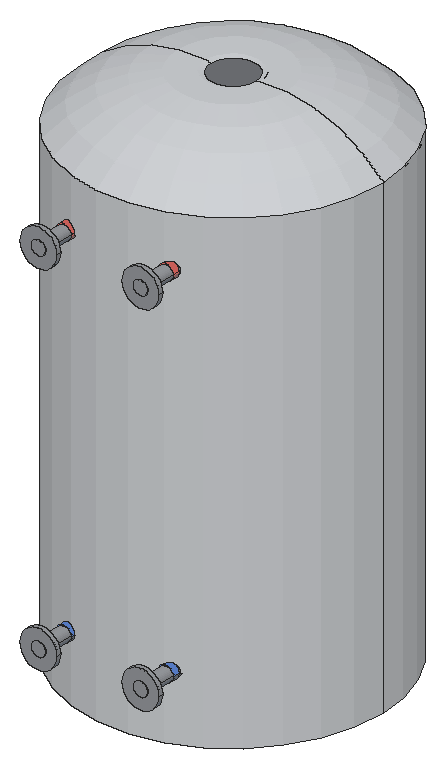
Revit family "CVC_Ballon_2000L", category Equipement de génie climatique, Revit 2026
Family settings
  Cote de connecteur circulaire = Utiliser le diamètre
  Type d'élément = Normal
  Basée sur le plan de construction = Non
  Toujours verticalement = Oui
  Couper avec des vides une fois chargée = Non
  Conserver l'orientation des annotations = Non
  Partagée = Non
  Repère de localisation dans la pièce = Non
Parameters (values of type "Stockage primaire 2000 L")
  Source = "CCTP lot 12 § 4.5"
  Modèle = "2000 L"
  Fabricant = "Non imposée"
  Elévation par défaut = 0 mm
  Description = "Ballon de stockage"
  Caractéristiques CCTP = "Stockage primaire ECS"
  A vérifier = "Dimensions approximatives (Ø1300 isolé x 2300 mm)"
Types (2, lengths in mm): name | Caractéristiques CCTP
  Préchauffage ECS 2000 L | "Préchauffage ECS par les PAC"
  Stockage primaire 2000 L | "Stockage primaire ECS"
Reference planes
  plane 1 "Centre (avant/arrière)": y = 0
  plane 2: z = 0
  plane 3 "Centre (gauche/droite)": x = 0
Forms (mm)
  Revolve 1, solid, material "EHPAD_gris"
    sketch origin (0, 0, 0) x (0, 0, 1) y (1, 0, 0)
      loop
        line (70, 0) -> (2300, 0)
        arc (2300, 0) -> (2300.099, 350.508) -> (2118, 650) r 649.323
        line (2118, 650) -> (70, 650) -> (70, 0)
      axis (70, 0) -> (2300, 0)
    angle from 0 to 360
  Extrusion 2, solid, material "EHPAD_acier"
    sketch origin (0, 390, 0) x (1, 0, 0) y (0, 1, 0)
      loop
        circle (0, 0) r 40
    from 0 to 75
  Extrusion 3, solid, material "EHPAD_acier"
    sketch origin (-337.75, -195, 0) x (1, 0, 0) y (0, 1, 0)
      loop
        circle (0, 0) r 40
    from 0 to 75
  Extrusion 4, solid, material "EHPAD_acier"
    sketch origin (337.75, -195, 0) x (1, 0, 0) y (0, 1, 0)
      loop
        circle (0, 0) r 40
    from 0 to 75
  Extrusion 5, solid, material "EHPAD_anthracite"
    sketch origin (0, 0, 2288) x (1, 0, 0) y (0, 1, 0)
      loop
        circle (0, 0) r 117
    from 0 to 30
  Extrusion 6, solid, material "EHPAD_acier"
    sketch origin (-220, -571.637, 1900) x (0, 0, -1) y (1, 0, 0)
      loop
        circle (0, 0) r 30.15
    from 0 to 200
  Extrusion 7, solid, material "EHPAD_chaud"
    sketch origin (-220, -607.637, 1900) x (0, 0, -1) y (1, 0, 0)
      loop
        circle (0, 0) r 33.15
    from 0 to 28
  Extrusion 8, solid, material "EHPAD_acier"
    sketch origin (-220, -753.637, 1900) x (0, 0, -1) y (1, 0, 0)
      loop
        circle (0, 0) r 80.15
    from 0 to 18
  Extrusion 9, solid, material "EHPAD_acier"
    sketch origin (-220, -571.637, 350) x (0, 0, -1) y (1, 0, 0)
      loop
        circle (0, 0) r 30.15
    from 0 to 200
  Extrusion 10, solid, material "EHPAD_froid"
    sketch origin (-220, -607.637, 350) x (0, 0, -1) y (1, 0, 0)
      loop
        circle (0, 0) r 33.15
    from 0 to 28
  Extrusion 11, solid, material "EHPAD_acier"
    sketch origin (-220, -753.637, 350) x (0, 0, -1) y (1, 0, 0)
      loop
        circle (0, 0) r 80.15
    from 0 to 18
  Extrusion 12, solid, material "EHPAD_acier"
    sketch origin (220, -571.637, 1900) x (0, 0, -1) y (1, 0, 0)
      loop
        circle (0, 0) r 30.15
    from 0 to 200
  Extrusion 13, solid, material "EHPAD_chaud"
    sketch origin (220, -607.637, 1900) x (0, 0, -1) y (1, 0, 0)
      loop
        circle (0, 0) r 33.15
    from 0 to 28
  Extrusion 14, solid, material "EHPAD_acier"
    sketch origin (220, -753.637, 1900) x (0, 0, -1) y (1, 0, 0)
      loop
        circle (0, 0) r 80.15
    from 0 to 18
  Extrusion 15, solid, material "EHPAD_acier"
    sketch origin (220, -571.637, 350) x (0, 0, -1) y (1, 0, 0)
      loop
        circle (0, 0) r 30.15
    from 0 to 200
  Extrusion 16, solid, material "EHPAD_froid"
    sketch origin (220, -607.637, 350) x (0, 0, -1) y (1, 0, 0)
      loop
        circle (0, 0) r 33.15
    from 0 to 28
  Extrusion 17, solid, material "EHPAD_acier"
    sketch origin (220, -753.637, 350) x (0, 0, -1) y (1, 0, 0)
      loop
        circle (0, 0) r 80.15
    from 0 to 18
  Extrusion 18, solid, material "EHPAD_laiton"
    sketch origin (0, 610, 575) x (0, 0, 1) y (1, 0, 0)
      loop
        circle (0, 0) r 12
    from 0 to 90
  Extrusion 19, solid, material "EHPAD_laiton"
    sketch origin (0, 610, 1150) x (0, 0, 1) y (1, 0, 0)
      loop
        circle (0, 0) r 12
    from 0 to 90
  Extrusion 20, solid, material "EHPAD_laiton"
    sketch origin (0, 610, 1725) x (0, 0, 1) y (1, 0, 0)
      loop
        circle (0, 0) r 12
    from 0 to 90
  Extrusion 21, solid, material "EHPAD_acier"
    sketch origin (0, 610, 700) x (0, 0, 1) y (1, 0, 0)
      loop
        circle (0, 0) r 210
    from 0 to 90
  Extrusion 22, solid, material "EHPAD_acier"
    sketch origin (0, 700, 700) x (0, 0, 1) y (1, 0, 0)
      loop
        circle (0, 0) r 230
    from 0 to 20
Dimensions and locks
  aligned and locked: level to plane 2
Connectors
  piping at (-220, -771.637, 1900), diameter 50
    settings: on Extrusion 6, index 1, connector inside diameter 609.6 mm, connector length 0 mm, flow factor 0, pipe flow 0.0 L/s, pressure drop 0.0 Pa, fitting loss kfactor 0, connector angle 0.00°, fixture units 0, engagement length 0 mm, angle of deflection 0.00°, flow configuration 0, flow direction 0, fitting loss method 0, system type 29, joint type 0, gender type 0, connector reference index -1, connector utility 0, adjustable connector no, is connector primary yes, connector description "Piquage haut 1"
  piping at (-220, -771.637, 350), diameter 50
    settings: on Extrusion 9, index 2, connector inside diameter 609.6 mm, connector length 0 mm, flow factor 0, pipe flow 0.0 L/s, pressure drop 0.0 Pa, fitting loss kfactor 0, connector angle 0.00°, fixture units 0, engagement length 0 mm, angle of deflection 0.00°, flow configuration 0, flow direction 0, fitting loss method 0, system type 29, joint type 0, gender type 0, connector reference index -1, connector utility 0, adjustable connector no, is connector primary no, connector description "Piquage bas 1"
  piping at (220, -771.637, 1900), diameter 50
    settings: on Extrusion 12, index 3, connector inside diameter 609.6 mm, connector length 0 mm, flow factor 0, pipe flow 0.0 L/s, pressure drop 0.0 Pa, fitting loss kfactor 0, connector angle 0.00°, fixture units 0, engagement length 0 mm, angle of deflection 0.00°, flow configuration 0, flow direction 0, fitting loss method 0, system type 29, joint type 0, gender type 0, connector reference index -1, connector utility 0, adjustable connector no, is connector primary no, connector description "Piquage haut 2"
  piping at (220, -771.637, 350), diameter 50
    settings: on Extrusion 15, index 4, connector inside diameter 609.6 mm, connector length 0 mm, flow factor 0, pipe flow 0.0 L/s, pressure drop 0.0 Pa, fitting loss kfactor 0, connector angle 0.00°, fixture units 0, engagement length 0 mm, angle of deflection 0.00°, flow configuration 0, flow direction 0, fitting loss method 0, system type 29, joint type 0, gender type 0, connector reference index -1, connector utility 0, adjustable connector no, is connector primary no, connector description "Piquage bas 2"
